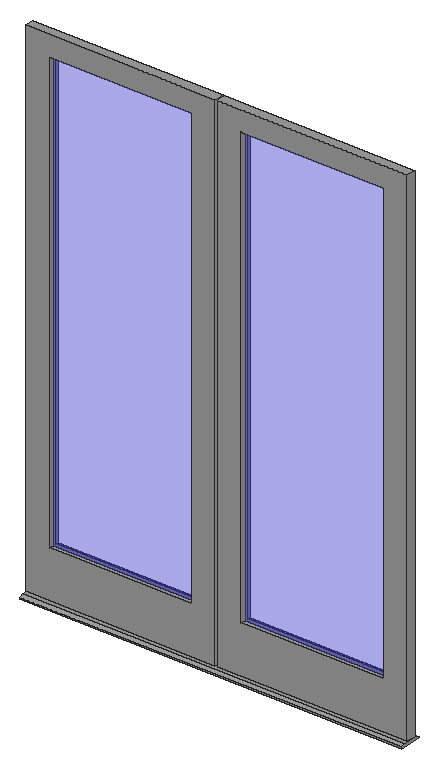
Revit family "ArmorDefend-Entrance-ButtHinge-Pairs_Eng", category Curtain Panels, Revit 2017
Family settings
  OmniClass Number = 23.25.20.14.11.11.17
  OmniClass Title = Infill Panels
  Always vertical = Yes
  Cut with Voids When Loaded = No
  Shared = No
Parameters
  Width [instance] = 6' - 2"
  Wide Stile Entrance [instance] = not(Medium Stile Entrance)  # no
  URL = "obe.com"
  Rough Width [instance] = 6' - 0"
  Offset [instance] = 0' - 0"
  Model = "AO DOOR"
  Min Panel Width [instance] = if(Rough Width > 5' 11 255/256", Rough Width, 6' 0")  # 6' - 0"
  Medium Stile Entrance [instance] = yes
  Manufacturer = "Oldcastle BuildingEnvelope®"
  Keynote = "08 11 00"
  Height [instance] = 8' - 0"
  Glass Material = Glass
  Frame Material = Aluminum
  Door Panel Height [instance] = Height + 0' 0 1/2"  # 8' - 0 1/2"
  Description = "ArmorOne Medium/Wide Stile Entrance  - 7/16\" Infill"
  Assembly Code = "B2030"
  Analytic Construction = "<None>"
  8 Bottom Rail [instance] = yes
  10 Bottom Rail [instance] = not([8 Bottom Rail])  # no
Reference planes (in)
  plane 1 "Front": y = 0
  plane 2: z = 0
  plane 3 "Center (Left/Right)": x = 0
  plane 4 "Left": x = -37
  plane 5 "Right": x = 37
  plane 6 "Top": z = 96
  plane 7: x = -36
  plane 8: x = 36
Text (in)
  text "Exterior" at (-54.29358, 31.38743, 0), in view "Ref. Level"
  text "Exterior" at (480, 41.53993, 89.60405), in view "Right"
  text "Exterior" at (-240, 57.82419, 105.78864), in view "Left"
Dimensions and locks (in)
  equal spacing: plane 4 "Left", plane 3 "Center (Left/Right)", plane 5 "Right"
  "Width": plane 4 "Left" to plane 5 "Right"
  "Height": plane 6 "Top" to plane 2
  equal spacing: plane 7, plane 3 "Center (Left/Right)", plane 8
  "Min Panel Width": plane 7 to plane 8
  aligned and locked: level to plane 2
  aligned and locked: plane 3 "Center (Left/Right)" to nested 1
  aligned and locked: plane 1 "Front" to nested 1
Nested families (in)
  nested 1: "Double Door-Panel" at (0, -16, 0), Frame Material <- "Frame Material", Glass Material <- "Glass Material", 8 Bottom Rail <- "8 Bottom Rail", Width <- "Min Panel Width", Height <- "Door Panel Height", Offset <- "Offset", Medium Stile Entrance <- "Medium Stile Entrance", type "ArmorDefend Entrance-Double-1-Panel"
    with Wing Width 3' - 0", built-in parameter 1001301 6' - 0", Wide Stile Entrance no, Pushbar Height 3' - 5 1/4", Offset 0' - 0", Medium Stile Entrance yes, built-in parameter 1001300 8' - 0 1/2", Glass Material Glass, Frame Material Aluminum, Edge of meeting stiles 0' - 4 1/32", Edge of door panel 0' - 4 1/16", Bottom Rail 0' - 8 59/64", 8 Bottom Rail yes, 10 Bottom Rail no
Definition of nested family "Double Door-Panel"
  Parameters (values of type "MS-375 DOOR-Double-1-Panel")
    Wing Width [instance] = Width / 2  # 3' - 0"
    Width [instance] = 6' - 0"
    Wide Stile Entrance [instance] = not(Medium Stile Entrance)  # no
    Offset [instance] = 0' - 11.1405"
    Medium Stile Entrance [instance] = yes
    Height [instance] = 8' - 0"
    Pushbar Height [instance] = 3' - 5 1/4"  # constant formula
    Glass Material [instance] = none
    Frame Material [instance] = none
    Edge of meeting stiles [instance] = if(Medium Stile Entrance, 0' 4 1/32", if(Wide Stile Entrance, 0' 5 9/32", 0' 4 1/32"))  # 0' - 4 1/32"
    Edge of door panel [instance] = if(Medium Stile Entrance, 0' 4 1/16", if(Wide Stile Entrance, 0' 5 5/16", 0' 4 1/16"))  # 0' - 4 1/16"
    Bottom Rail [instance] = if([8 Bottom Rail], 0' 8 59/64", 0' 10 59/64")  # 0' - 8 59/64"
    Analytic Construction = "<None>"
    10 Bottom Rail [instance] = not([8 Bottom Rail])  # no
    8 Bottom Rail [instance] = yes
  Reference planes (in)
    plane 1 "00": y = 4.0625
    plane 2: z = 0
    plane 3 "Center (Left/Right)": x = 0
    plane 4: z = 96
    plane 5: x = -36
    plane 6: x = 36
    plane 7 "Center (Front/Back)": y = 16
    plane 8 "Exterior": y = 4.5625
    plane 9: z = 48
    plane 10: z = 8.92187
    plane 11: z = 92.15625
    plane 12: z = 0
    plane 13 "Offset": y = 4.8595
  Forms (in)
    Sweep 1, solid, material <- "Frame Material"
      path origin (0, 4.0625, 0) x (1, 0, 0) y (0, 0, 1)
        loop
          line (-35.79555, 96) -> (-0.22004, 96)
      profile origin (-18.00779, 4.0625, 96) x (0, 0, 1) y (0, -1, 0)
        loop
          line (-0.625, -0.672) -> (-0.625, 1.078) -> (-2.87093, 1.078) -> (-4.437, 1.078) -> (-4.437, 0.215) -> (-3.84375, 0.215) -> (-3.84375, -0.215) -> (-4.625, -0.215) -> (-4.625, -0.672) -> (-2.87093, -0.672) -> (-0.625, -0.672)
    Sweep 2, solid, material <- "Frame Material"
      path origin (0, 4.0625, 0) x (1, 0, 0) y (0, 0, 1)
        loop
          line (-0.22004, 0) -> (-35.79555, 0)
      profile origin (-18.00779, 4.0625, 0) x (0, 0, -1) y (0, -1, 0)
        loop
          line (-4.94906, -0.672) -> (-0.6875, -0.672) -> (-0.6875, 1.078) -> (-4.94906, 1.078) -> (-9.49949, 1.078) -> (-9.49949, 0.215) -> (-8.92187, 0.215) -> (-8.92187, -0.215) -> (-9.68749, -0.215) -> (-9.68749, -0.672) -> (-4.94906, -0.672)
    Sweep 3, solid, material <- "Frame Material"
      path origin (0, 4.0625, 0) x (1, 0, 0) y (0, 0, 1)
        loop
          line (35.24042, 95.375) -> (35.24042, 0.6875)
      profile origin (35.24042, 4.0625, 48.03125) x (0, -1, 0) y (1, 0, 0)
        loop
          line (-0.672, 0.55758) -> (-0.672, -1.45435) -> (-0.672, -4.08417) -> (-0.21513, -4.08417) -> (-0.21513, -3.30292) -> (0.215, -3.30292) -> (0.215, -3.89617) -> (1.078, -3.89617) -> (1.078, -1.45435) -> (1.078, 0.55683) -> (-0.672, 0.66583) -> (-0.672, 0.55758)
    Sweep 4, solid, material <- "Frame Material"
      path origin (0, 4.0625, 0) x (1, 0, 0) y (0, 0, 1)
        loop
          line (-35.25, 95.375) -> (-35.25, 0.6875)
      profile origin (-35.25, 4.0625, 48.03125) x (0, -1, 0) y (1, 0, 0)
        loop
          line (-0.672, -0.65455) -> (1.078, -0.54555) -> (1.078, 1.46393) -> (1.078, 3.90575) -> (0.215, 3.90575) -> (0.215, 3.3125) -> (-0.215, 3.3125) -> (-0.215, 4.09375) -> (-0.672, 4.09375) -> (-0.672, 1.46393) -> (-0.672, -0.65455)
    Sweep 5, solid, material <- "Frame Material"
      path origin (0, 4.0625, 0) x (1, 0, 0) y (0, 0, 1)
        loop
          line (0, 95.375) -> (0, 0.6875)
      profile origin (0, 4.0625, 48.03125) x (0, -1, 0) y (1, 0, 0)
        loop
          line (-0.672, -0.22063) -> (-0.672, -2.18343) -> (-0.672, -4.8125) -> (-0.21513, -4.8125) -> (-0.21513, -4.03125) -> (0.215, -4.03125) -> (0.215, -4.6245) -> (1.078, -4.6245) -> (1.078, -2.18343) -> (1.078, -0.22063)
          arc (1.078, -0.22063) -> (0.203, -0.0625) -> (-0.672, -0.22063) r 2.5
        loop
          arc (-0.672, 0.22063) -> (0.203, 0.0625) -> (1.078, 0.22063) r 2.5
          line (1.078, 0.22063) -> (1.078, 2.18343) -> (1.078, 4.6245) -> (0.215, 4.6245) -> (0.215, 4.03125) -> (-0.21513, 4.03125) -> (-0.21513, 4.8125) -> (-0.672, 4.8125) -> (-0.672, 2.18343) -> (-0.672, 0.22063)
    Sweep 6, solid, material <- "Frame Material"
      path origin (0, 4.0625, 0) x (1, 0, 0) y (0, 0, 1)
        loop
          line (0.22004, 96) -> (35.79725, 96)
      profile origin (18.00864, 4.0625, 96) x (0, 0, 1) y (0, -1, 0)
        loop
          line (-0.625, -0.672) -> (-0.625, 1.078) -> (-2.74581, 1.078) -> (-4.437, 1.078) -> (-4.437, 0.215) -> (-3.84375, 0.215) -> (-3.84375, -0.215) -> (-4.625, -0.215) -> (-4.625, -0.672) -> (-2.74581, -0.672) -> (-0.625, -0.672)
    Sweep 7, solid, material <- "Frame Material"
      path origin (0, 4.0625, 0) x (1, 0, 0) y (0, 0, 1)
        loop
          line (35.79725, 0) -> (0.22004, 0)
      profile origin (18.00864, 4.0625, 0) x (0, 0, -1) y (0, -1, 0)
        loop
          line (-3.49593, -0.672) -> (-0.6875, -0.672) -> (-0.6875, 1.078) -> (-3.49593, 1.078) -> (-9.49949, 1.078) -> (-9.49949, 0.215) -> (-8.92187, 0.215) -> (-8.92187, -0.215) -> (-9.68749, -0.215) -> (-9.68749, -0.672) -> (-3.49593, -0.672)
    Extrusion 8, solid, material <- "Glass Material", detail levels coarse
      sketch origin (0, 0, 0) x (1, 0, 0) y (0, 1, 0)
        loop
          line (4.03125, 4.2775) -> (4.03125, 3.8475) -> (31.9375, 3.8475) -> (31.9375, 4.2775) -> (4.03125, 4.2775)
      from 92.15625 to 8.92188
    Extrusion 9, solid, material <- "Glass Material", detail levels medium+fine
      sketch origin (0, 0, 0) x (1, 0, 0) y (0, 1, 0)
        loop
          line (4.03125, 3.8475) -> (31.9375, 3.8475) -> (31.9375, 3.9725) -> (4.03125, 3.9725) -> (4.03125, 3.8475)
        loop
          line (31.9375, 4.2775) -> (4.03125, 4.2775) -> (4.03125, 4.1525) -> (31.9375, 4.1525) -> (31.9375, 4.2775)
      from 8.92188 to 92.15625
    Extrusion 10, solid, material <- "Glass Material", detail levels medium+fine
      sketch origin (0, 0, 0) x (1, 0, 0) y (0, 1, 0)
        loop
          line (-31.9375, 3.8475) -> (-4.03125, 3.8475) -> (-4.03125, 3.9725) -> (-31.9375, 3.9725) -> (-31.9375, 3.8475)
        loop
          line (-4.03125, 4.2775) -> (-31.9375, 4.2775) -> (-31.9375, 4.1525) -> (-4.03125, 4.1525) -> (-4.03125, 4.2775)
      from 8.92188 to 92.15625
    Extrusion 11, solid, material <- "Glass Material", detail levels coarse
      sketch origin (0, 0, 0) x (1, 0, 0) y (0, 1, 0)
        loop
          line (-31.9375, 4.2775) -> (-31.9375, 3.8475) -> (-4.03125, 3.8475) -> (-4.03125, 4.2775) -> (-31.9375, 4.2775)
      from 8.92188 to 92.15625
    Sweep 12, solid, material <- "Frame Material"
      path origin (0, 4.8595, 0) x (1, 0, 0) y (0, 0, 1)
        loop
          line (-35.798, 0) -> (35.798, 0)
      profile origin (0, 4.8595, 0) x (0, 0, 1) y (0, -1, 0)
        loop
          line (0.5, 2.53097) -> (0.19362, 3.188) -> (0, 3.188) -> (0, -0.812) -> (0.19362, -0.812) -> (0.5, -0.15497) -> (0.5, 2.53097)
  Cuts and joins
    joined: Sweep 1, Sweep 2, Sweep 3, Sweep 4, Sweep 5, Sweep 6, Sweep 7
  Lines and regions (in)
    model lines
      curve 1: line (4.5625, 4.5625, 91.875) -> (31.9375, 4.5625, 48.02216)
      curve 2: line (31.9375, 4.5625, 48.02216) -> (4.6245, 4.5625, 9.20312)
      curve 3: line (-4.8125, 4.5625, 91.875) -> (-31.407, 4.5625, 48)
      curve 4: line (-31.407, 4.5625, 48) -> (-4.8125, 4.5625, 9.20312)
  Dimensions and locks (in)
    "Height": plane 4 to level
    equal spacing: plane 5, plane 3 "Center (Left/Right)", plane 6
    "Width": plane 5 to plane 6
    plane 1 "00" to plane 8 "Exterior" to plane 13 "Offset" = 0' - 0 1/2" locked, 0' - 0.297" locked
    equal spacing: level, plane 9, plane 4
    locked: plane 3 "Center (Left/Right)" to Sweep 2 sketch curve at 0.22004
    locked: Sweep 3 sketch curve to plane 4 at 0.625
    locked: Sweep 4 sketch curve to plane 4 at 0.625
    locked: plane 3 "Center (Left/Right)" to Sweep 1 sketch curve at 0.22004
    locked: Sweep 6 sketch curve to plane 3 "Center (Left/Right)" at 0.22004
    locked: Sweep 7 sketch curve to plane 3 "Center (Left/Right)" at 0.22004
    locked: Sweep 5 sketch curve to plane 4 at 0.625
    "Bottom Rail": plane 10 to plane 2
    locked: Sweep 7 sketch curve to plane 10 at 0.57761
    locked: Sweep 7 sketch curve to plane 10 at 0.76561
    locked: Sweep 2 sketch curve to plane 10 at 0.57761
    locked: Sweep 2 sketch curve to plane 10 at 0.76561
    equal spacing: plane 4, plane 9, plane 12
    locked: plane 11 to Sweep 6 sketch curve at 0.59325
    locked: plane 11 to Sweep 6 sketch curve at 0.78125
    locked: plane 4 to plane 11 at 3.84375
    Extrusion 10 sketch curve to Extrusion 10 sketch curve to plane 1 "00" to Extrusion 10 sketch curve to Extrusion 10 sketch curve = 0' - 0 1/8" locked, 0' - 0.09" locked, 0' - 0.09" locked, 0' - 0 1/8" locked
    Extrusion 11 sketch curve to plane 1 "00" to Extrusion 11 sketch curve = 0' - 0.215" locked, 0' - 0.215" locked
    Extrusion 9 sketch curve to Extrusion 9 sketch curve to plane 1 "00" to Extrusion 9 sketch curve to Extrusion 9 sketch curve = 0' - 0 1/8" locked, 0' - 0.09" locked, 0' - 0.09" locked, 0' - 0 1/8" locked
    Extrusion 8 sketch curve to plane 1 "00" to Extrusion 8 sketch curve = 0' - 0.215" locked, 0' - 0.215" locked
    "Offset": plane 13 "Offset" to plane 7 "Center (Front/Back)"
    locked: plane 1 "00" to nested 1 at 0
    locked: plane 6 to Sweep 12 sketch curve at 0.202
    locked: Sweep 12 sketch curve to plane 5 at 0.202
    locked: Sweep 4 sketch curve to plane 12 at 0.6875
    locked: Sweep 5 sketch curve to plane 12 at 0.6875
    locked: Sweep 3 sketch curve to plane 12 at 0.6875
    nested 3 to plane 13 "Offset" = 0' - 0.797"
    "Edge of door panel": plane 5 to Sweep 4 sketch curve
    Sweep 4 sketch curve to Sweep 4 sketch curve to Sweep 4 sketch curve = 0' - 0.59325" locked, 0' - 0.188" locked
    "Edge of door panel": Sweep 3 sketch curve to plane 6
    Sweep 3 sketch curve to Sweep 3 sketch curve to Sweep 3 sketch curve = 0' - 0.188" locked, 0' - 0.59325" locked
    "Edge of meeting stiles": Sweep 5 sketch curve to plane 3 "Center (Left/Right)"
    "Edge of meeting stiles": plane 3 "Center (Left/Right)" to Sweep 5 sketch curve
    Sweep 5 sketch curve to Sweep 5 sketch curve to Sweep 5 sketch curve = 0' - 0.188" locked, 0' - 0.59325" locked
    Sweep 5 sketch curve to Sweep 5 sketch curve to Sweep 5 sketch curve = 0' - 0.59325" locked, 0' - 0.188" locked
    Sweep 4 sketch curve to Sweep 4 sketch curve to Sweep 4 sketch curve to Sweep 4 sketch curve to plane 13 "Offset" = 0' - 0.863" locked, 0' - 0.43" locked, 0' - 0.457" locked, 0' - 0 1/8" locked
    Sweep 5 sketch curve to Sweep 5 sketch curve to Sweep 5 sketch curve to Sweep 5 sketch curve to plane 13 "Offset" = 0' - 0.863" locked, 0' - 0.43012" locked, 0' - 0.45687" locked, 0' - 0 1/8" locked  (x2)
    Sweep 3 sketch curve to Sweep 3 sketch curve to Sweep 3 sketch curve to Sweep 3 sketch curve to plane 13 "Offset" = 0' - 0.863" locked, 0' - 0.43012" locked, 0' - 0.45687" locked, 0' - 0 1/8" locked
    aligned and locked: plane 2 to level
    aligned and locked: plane 3 "Center (Left/Right)" to nested 1
    aligned and locked: Sweep 1 sketch curve to plane 4
    aligned and locked: Sweep 2 sketch curve to level
    aligned and locked: level to nested 2
    aligned and locked: nested 2 to plane 1 "00"
    aligned and locked: plane 3 "Center (Left/Right)" to Sweep 5 sketch curve
    aligned and locked: Sweep 7 sketch curve to level
    aligned and locked: plane 4 to Sweep 6 sketch curve
    aligned and locked: Extrusion 10 to plane 10
    aligned and locked: Extrusion 11 to plane 10
    aligned and locked: Extrusion 9 to plane 10
    aligned and locked: Extrusion 8 to plane 10
    aligned and locked: plane 9 to curve 3
    aligned and locked: Sweep 12 sketch curve to plane 12
    aligned and locked: plane 3 "Center (Left/Right)" to nested 3
    aligned and locked: Sweep 7 sketch curve to plane 10
    aligned and locked: plane 1 "00" to nested 3
    aligned and locked: plane 1 "00" to nested 1
    aligned and locked: Extrusion 9 to Sweep 3  (x2)
    aligned and locked: Extrusion 9 to Sweep 5  (x2)
    aligned and locked: Extrusion 8 to Sweep 5
    aligned and locked: Extrusion 8 to Sweep 3
    aligned and locked: Extrusion 10 to Sweep 5  (x2)
    aligned and locked: Extrusion 10 to Sweep 4  (x2)
    aligned and locked: Extrusion 11 to Sweep 5
    aligned and locked: Extrusion 11 to Sweep 4
    aligned and locked: plane 11 to Extrusion 11
    aligned and locked: plane 11 to Extrusion 10
    aligned and locked: plane 11 to Sweep 6 sketch curve
    aligned and locked: plane 11 to Extrusion 9
    aligned and locked: plane 11 to Extrusion 8
  Automatic sketch dimensions
    plane 3 "Center (Left/Right)" to Extrusion 8 sketch curve = 0' - 4 1/32"
    plane 3 "Center (Left/Right)" to Extrusion 9 sketch curve = 0' - 4 1/32"
    Extrusion 9 sketch curve to Extrusion 9 sketch curve = 0' - 0"  (x2)
    Extrusion 10 sketch curve to Extrusion 10 sketch curve = 0' - 0"  (x2)
    Extrusion 10 sketch curve to plane 3 "Center (Left/Right)" = 0' - 4 1/32"
    Extrusion 11 sketch curve to plane 3 "Center (Left/Right)" = 0' - 4 1/32"
    plane 5 to Sweep 1 sketch curve = 0' - 0.20445"
    plane 5 to Sweep 2 sketch curve = 0' - 0.20445"
    Sweep 3 sketch curve to plane 6 = 0' - 0.75958"
    plane 5 to Sweep 4 sketch curve = 0' - 0 3/4"
    Sweep 6 sketch curve to plane 6 = 0' - 0.20275"
    Sweep 7 sketch curve to plane 6 = 0' - 0.20275"
    Extrusion 8 sketch curve to plane 6 = 0' - 4 1/16"
    Extrusion 9 sketch curve to plane 6 = 0' - 4 1/16"
    plane 5 to Extrusion 10 sketch curve = 0' - 4 1/16"
    plane 5 to Extrusion 11 sketch curve = 0' - 4 1/16"
    plane 5 to curve 3 = 0' - 4.593"
    plane 9 to curve 2 = 0' - 0.02216"
    curve 1 to plane 11 = 0' - 0 9/32"
    plane 3 "Center (Left/Right)" to curve 1 = 0' - 4 9/16"
    plane 10 to curve 4 = 0' - 0 9/32"
    plane 10 to curve 2 = 0' - 0 9/32"
    curve 3 to plane 11 = 0' - 0 9/32"
    curve 4 to plane 3 "Center (Left/Right)" = 0' - 4 13/16"
    curve 3 to plane 3 "Center (Left/Right)" = 0' - 4 13/16"
    plane 3 "Center (Left/Right)" to curve 2 = 0' - 4.6245"
    curve 2 to plane 6 = 0' - 4 1/16"
    Sweep 1 sketch curve to plane 1 "00" = 0' - 0.215"
    profile plane to Sweep 1 sketch curve = 0' - 4 5/8"
    plane 1 "00" to Sweep 1 sketch curve = 0' - 0.215"
    Sweep 1 sketch curve to Sweep 1 sketch curve = 0' - 0.188"
    Sweep 1 sketch curve to Sweep 1 sketch curve = 0' - 0.59325"
    Sweep 1 sketch curve to Sweep 1 sketch curve = 0' - 0.97282"  (x2)
    profile plane to Sweep 1 sketch curve = 0' - 0 5/8"
    Sweep 1 sketch curve to plane 1 "00" = 0' - 0.672"
    plane 1 "00" to Sweep 1 sketch curve = 0' - 1.078"
    Sweep 6 sketch curve to Sweep 6 sketch curve = 0' - 1.09794"  (x2)
    profile plane to Sweep 6 sketch curve = 0' - 0 5/8"
    Sweep 6 sketch curve to plane 1 "00" = 0' - 0.672"
    Sweep 6 sketch curve to plane 1 "00" = 0' - 0.215"
    plane 1 "00" to Sweep 6 sketch curve = 0' - 0.215"
    plane 1 "00" to Sweep 6 sketch curve = 0' - 1.078"
    plane 1 "00" to Sweep 7 sketch curve = 0' - 1.078"
    profile plane to Sweep 7 sketch curve = 0' - 3.49593"
    Sweep 7 sketch curve to plane 1 "00" = 0' - 0.672"
    Sweep 7 sketch curve to Sweep 7 sketch curve = 0' - 0"
    profile plane to Sweep 7 sketch curve = 0' - 0 11/16"
    Sweep 7 sketch curve to plane 1 "00" = 0' - 0.215"
    plane 1 "00" to Sweep 7 sketch curve = 0' - 0.215"
    plane 1 "00" to Sweep 2 sketch curve = 0' - 0.215"
    Sweep 2 sketch curve to Sweep 2 sketch curve = 0' - 0.57761"
    plane 1 "00" to Sweep 2 sketch curve = 0' - 1.078"
    Sweep 2 sketch curve to Sweep 2 sketch curve = 0' - 3.97282"
    Sweep 2 sketch curve to plane 1 "00" = 0' - 0.672"
    Sweep 2 sketch curve to Sweep 2 sketch curve = 0' - 0"
    profile plane to Sweep 2 sketch curve = 0' - 0 11/16"
    Sweep 2 sketch curve to plane 1 "00" = 0' - 0.215"
    profile plane to Sweep 12 sketch curve = 0' - 0"
    Sweep 12 sketch curve to Sweep 12 sketch curve = 0' - 0.19362"  (x2)
    Sweep 12 sketch curve to plane 13 "Offset" = 0' - 0.15497"
    Sweep 12 sketch curve to profile plane = 0' - 0 1/2"
    Sweep 12 sketch curve to plane 13 "Offset" = 0' - 0.812"
    plane 13 "Offset" to Sweep 12 sketch curve = 0' - 3.188"
    Sweep 12 sketch curve to Sweep 12 sketch curve = 0' - 0.65703"
    profile plane to Sweep 3 sketch curve = 0' - 1.45435"  (x2)
    Sweep 3 sketch curve to profile plane = 0' - 0.55683"
    Sweep 3 sketch curve to profile plane = 0' - 0.55758"
    Sweep 3 sketch curve to Sweep 3 sketch curve = 0' - 0.10825"
    Sweep 4 sketch curve to profile plane = 0' - 1.46393"  (x2)
    profile plane to Sweep 4 sketch curve = 0' - 0.54555"
    profile plane to Sweep 4 sketch curve = 0' - 0.65455"
    plane 1 "00" to Sweep 5 sketch curve = 0' - 0.203"  (x2)
    Sweep 5 sketch curve to Sweep 5 sketch curve = 0' - 1 15/32"
    Sweep 5 sketch curve to Sweep 5 sketch curve = 0' - 0.37907"  (x3)
    profile plane to Sweep 5 sketch curve = 0' - 0.22063"
    Sweep 5 sketch curve to profile plane = 0' - 0.22063"
    Sweep 5 sketch curve to Sweep 5 sketch curve = 0' - 1.84782"
    Sweep 5 sketch curve to Sweep 5 sketch curve = 0' - 0"
  Nested families (in)
    nested 1: "M Stile-Double Door-Plan View" at (0, 4.0625, 0), Width <- "Width", Wing Width <- "Wing Width", visible <- "Medium Stile Entrance", type "M Stile-Double Door-Plan View"
      with Wing Width 3' - 0", Width 6' - 0"
    nested 2: "Door Section" at (0, 4.0625, 0) x (0, -1, 0) z (1, 0, 0), Height <- "Height", 8 Bottom Rail <- "8 Bottom Rail", type "Door Section"
      with Height 8' - 0", Bottom Rail 0' - 8 59/64", 8 Bottom Rail yes, 10 Bottom Rail no
    nested 3: "W Stile-Double Door-Plan View" at (0, 4.0625, 0), Width <- "Width", visible <- "Wide Stile Entrance", type "W Stile-Double Door-Plan View"
      with Wing Width 3' - 0", Width 6' - 0"
  Definition of nested family "M Stile-Double Door-Plan View"
    Parameters (values of type "M Stile-Double Door-Plan View")
      Wing Width [instance] = Width / 2  # 3' - 0"
      Width [instance] = 6' - 0"
    Reference planes (in)
      plane 1 "Center (Front/Back)": y = 0
      plane 2: z = 0
      plane 3 "Center (Left/Right)": x = 0
      plane 4: x = -36
      plane 5: x = 36
      plane 6: x = -35.23425
      plane 7: x = 35.23425
    Lines and regions (in)
      Filled region 1, type "Solid Fill - Black", in view "Ref. Level", detail levels fine
        outline origin (0, 0, 0) x (1, 0, 0) y (0, 1, 0)
          loop
            line (35.14425, 31.96875) -> (35.14425, 5.31227) -> (35.32425, 5.31227) -> (35.32425, 31.96875) -> (35.14425, 31.96875)
      Filled region 2, type "Solid Fill - Black", in view "Ref. Level", detail levels fine
        outline origin (0, 0, 0) x (1, 0, 0) y (0, 1, 0)
          loop
            line (-35.32425, 31.96875) -> (-35.32425, 5.31227) -> (-35.14425, 5.31227) -> (-35.14425, 31.96875) -> (-35.32425, 31.96875)
      detail lines, in view "Ref. Level"
        curve 1: arc (0.0625, 0, 0) -> (9.84243, 24.64316, 0) -> (33.85925, 35.87368, 0) r 35.9375
        curve 2: arc (-0.0625, 0, 0) -> (-9.84243, 24.64316, 0) -> (-33.85925, 35.87368, 0) r 35.9375
        curve 3: line (-35.44925, 32.0058, 0) -> (-35.44925, 5.31227, 0)
        curve 6: line (-35.01925, 32.0058, 0) -> (-35.01925, 5.31227, 0)
        curve 15: line (35.01925, 32.0058, 0) -> (35.01925, 5.31227, 0)
        curve 18: line (35.44925, 32.0058, 0) -> (35.44925, 5.31227, 0)
      detail lines, in view "Ref. Level", detail levels medium+fine
        curve 4: line (-35.32425, 32.0058, 0) -> (-35.32425, 5.31227, 0)
        curve 5: line (-35.14425, 32.0058, 0) -> (-35.14425, 5.31227, 0)
        curve 16: line (35.14425, 32.0058, 0) -> (35.14425, 5.31227, 0)
        curve 17: line (35.32425, 32.0058, 0) -> (35.32425, 5.31227, 0)
      detail lines, in view "Ref. Level", not visible
        curve 7: line (-32.23813, 0.5, 0) -> (-4.28125, 0.5, 0)
        curve 8: line (-32.23813, -0.252, 0) -> (-4.28125, -0.252, 0)
        curve 9: line (-32.23813, -0.5, 0) -> (-4.28125, -0.5, 0)
        curve 10: line (-32.23813, 0.252, 0) -> (-4.28125, 0.252, 0)
        curve 11: line (4.28125, 0.5, 0) -> (32.23813, 0.5, 0)
        curve 12: line (32.23813, 0.252, 0) -> (4.28125, 0.252, 0)
        curve 13: line (4.28125, -0.252, 0) -> (32.23813, -0.252, 0)
        curve 14: line (32.23813, -0.5, 0) -> (4.28125, -0.5, 0)
    Dimensions and locks (in)
      equal spacing: plane 4, plane 3 "Center (Left/Right)", plane 5
      "Wing Width": plane 1 "Center (Front/Back)" to nested 1
      "Wing Width": plane 1 "Center (Front/Back)" to nested 2
      locked: plane 1 "Center (Front/Back)" to nested 6 at 1.67175
      locked: nested 7 to plane 1 "Center (Front/Back)" at 1.67175
      locked: plane 4 to plane 6 at 0.76575
      locked: plane 7 to plane 5 at 0.76575
      "Width": plane 4 to plane 5
      plane 5 to nested 3 = 0' - 2 1/4"
      locked: nested 4 to plane 4 at 2.25
      locked: plane 5 to nested 3 at 2.25
      aligned and locked: plane 1 "Center (Front/Back)" to nested 3
      aligned and locked: nested 2 to plane 6
      aligned and locked: nested 4 to plane 1 "Center (Front/Back)"
      aligned and locked: nested 1 to plane 7
      aligned and locked: nested 5 to plane 1 "Center (Front/Back)"
      aligned and locked: nested 5 to plane 3 "Center (Left/Right)"
      aligned and locked: curve 16 to nested 1
      aligned and locked: curve 17 to nested 1
      aligned and locked: curve 15 to nested 1
      aligned and locked: Filled region 1 sketch curve to curve 16
      aligned and locked: curve 17 to Filled region 1 sketch curve
      aligned and locked: nested 1 to Filled region 1 sketch curve
      aligned and locked: Filled region 2 sketch curve to curve 4
      aligned and locked: curve 5 to Filled region 2 sketch curve
      aligned and locked: Filled region 2 sketch curve to nested 2
      aligned and locked: plane 7 to nested 6
      aligned and locked: plane 6 to nested 7
    Automatic sketch dimensions
      plane 1 "Center (Front/Back)" to curve 2 = 0' - 0"
      curve 2 to plane 4 = 0' - 0"
      plane 1 "Center (Front/Back)" to curve 1 = 0' - 0"
      curve 1 to plane 5 = 0' - 0"
      curve 2 to plane 6 = 0' - 1 3/8"
      curve 7 to plane 1 "Center (Front/Back)" = 0' - 0 1/2"
      curve 7 to plane 6 = 0' - 2.99612"
      curve 9 to curve 7 = 0' - 0"
      curve 10 to curve 7 = 0' - 0"  (x2)
      curve 8 to curve 9 = 0' - 0"  (x2)
      curve 7 to plane 3 "Center (Left/Right)" = 0' - 4 9/32"
      curve 9 to curve 10 = 0' - 0"
      curve 2 to plane 3 "Center (Left/Right)" = 0' - 0 1/16"
      plane 3 "Center (Left/Right)" to curve 1 = 0' - 0 1/16"
      curve 12 to plane 1 "Center (Front/Back)" = 0' - 0.252"
      curve 1 to curve 12 = 0' - 4 7/32"
      curve 14 to curve 12 = 0' - 0"
      curve 11 to curve 12 = 0' - 0"  (x2)
      curve 13 to curve 14 = 0' - 0"  (x2)
      plane 1 "Center (Front/Back)" to curve 14 = 0' - 0 1/2"
      plane 7 to curve 14 = 0' - 2.99612"
      curve 12 to curve 14 = 0' - 0"
      plane 7 to curve 1 = 0' - 1 3/8"
      plane 1 "Center (Front/Back)" to curve 8 = 0' - 0.252"
      curve 14 to curve 13 = 0' - 0.248"
      curve 9 to curve 8 = 0' - 0.248"
      curve 10 to curve 7 = 0' - 0.248"
      curve 12 to curve 11 = 0' - 0.248"
      curve 6 to plane 1 "Center (Front/Back)" = 0' - 5.31227"
      curve 5 to curve 6 = 0' - 0"  (x2)
      curve 16 to plane 1 "Center (Front/Back)" = 0' - 5.31227"
      curve 16 to curve 17 = 0' - 0"
      curve 4 to curve 5 = 0' - 0"
      curve 17 to curve 18 = 0' - 0"  (x2)
      curve 3 to curve 4 = 0' - 0"  (x2)
      curve 15 to curve 16 = 0' - 0"  (x2)
      curve 4 to curve 2 = 0' - 3.86788"
      curve 18 to curve 1 = 0' - 3.86788"
      curve 15 to curve 18 = 0' - 0"
      curve 4 to curve 6 = 0' - 0"
      curve 17 to curve 18 = 0' - 0 1/8"
      Filled region 1 sketch curve to plane 1 "Center (Front/Back)" = 0' - 5.31227"
      plane 6 to curve 3 = 0' - 0.215"
      plane 6 to curve 4 = 0' - 0.09"
      curve 5 to plane 6 = 0' - 0.09"
      curve 5 to curve 6 = 0' - 0 1/8"
      Filled region 2 sketch curve to plane 1 "Center (Front/Back)" = 0' - 5.31227"
    Nested families (in)
      nested 1: "M STILE-R-DI" at (35.23425, 36, 0) x (0, 1, 0) z (0, 0, 1), type "M STILE-R-DI", in view "Ref. Level"
      nested 2: "M STILE-L-DI" at (-35.23425, 36, 0) x (0, 1, 0) z (0, 0, 1), type "M STILE-L-DI", in view "Ref. Level"
      nested 3: "STILE-DI" at (38.25, 0, 0), type "STILE-DI", in view "Ref. Level", not visible
      nested 4: "STILE-DI" at (-38.25, 0, 0) x (-1, 0, 0) z (0, 0, 1), type "STILE-DI", in view "Ref. Level", not visible
      nested 5: "M STILE@PAIR-DI" at (0, 0, 0) x (-1, 0, 0) z (0, 0, 1), type "M STILE@PAIR-DI", in view "Ref. Level", not visible
      nested 6: "STILE-DI" at (35.23425, -1.67175, 0) x (0, -1, 0) z (0, 0, 1), type "STILE-DI", in view "Ref. Level"
      nested 7: "STILE-DI" at (-35.23425, -1.67175, 0) x (0, -1, 0) z (0, 0, 1), type "STILE-DI", in view "Ref. Level"
    Definition of nested family "M STILE-R-DI"
      Reference planes (in)
        plane 1 "Center (Front/Back)": y = 0
        plane 2: z = 0
        plane 3 "Center (Left/Right)": x = 0
    Definition of nested family "M STILE-L-DI"
      Reference planes (in)
        plane 1 "Center (Front/Back)": y = 0
        plane 2: z = 0
        plane 3 "Center (Left/Right)": x = 0
    Definition of nested family "STILE-DI"
      Reference planes (in)
        plane 1 "Center (Front/Back)": y = 0
        plane 2: z = 0
        plane 3 "Center (Left/Right)": x = 0
    Definition of nested family "M STILE@PAIR-DI"
      Reference planes (in)
        plane 1 "Center (Front/Back)": y = 0
        plane 2: z = 0
        plane 3 "Center (Left/Right)": x = 0
  Definition of nested family "Door Section"
    Parameters (values of type "Door Section")
      Height [instance] = 4' - 0"
      Bottom Rail [instance] = if([10 Bottom Rail], 0' 10 59/64", 0' 8 59/64")  # 0' - 10 59/64"
      8 Bottom Rail [instance] = no
      10 Bottom Rail [instance] = not([8 Bottom Rail])  # yes
    Reference planes (in)
      plane 1 "Center (Front/Back)": y = 0
      plane 2: z = 0
      plane 3 "Center (Left/Right)": x = 0
      plane 4: y = 44.125
      plane 5: y = 48
      plane 6: y = 10.92188
    Lines and regions (in)
      Filled region 1, type "Solid Fill - Black", in view "Ref. Level", detail levels fine
        outline origin (0, 0, 0) x (1, 0, 0) y (0, 1, 0)
          loop
            line (-0.09, 44.125) -> (-0.09, 10.92188) -> (0.09, 10.92188) -> (0.09, 44.125) -> (-0.09, 44.125)
      detail lines, in view "Ref. Level"
        curve 1: line (-0.215, 44.125, 0) -> (-0.215, 10.92188, 0)
        curve 4: line (0.215, 44.125, 0) -> (0.215, 10.92188, 0)
      detail lines, in view "Ref. Level", detail levels medium+fine
        curve 2: line (-0.09, 44.125, 0) -> (-0.09, 10.92188, 0)
        curve 3: line (0.09, 44.125, 0) -> (0.09, 10.92188, 0)
    Dimensions and locks (in)
      nested 1 to plane 5 to plane 4 = 0' - 2 31/32" locked, 0' - 3 7/8" locked
      "Bottom Rail": plane 1 "Center (Front/Back)" to plane 6
      "Height": plane 1 "Center (Front/Back)" to plane 5
      plane 1 "Center (Front/Back)" to nested 2 to nested 3 = 0' - 8.92224" locked, 0' - 2" locked
      aligned and locked: plane 3 "Center (Left/Right)" to nested 1
      aligned and locked: plane 3 "Center (Left/Right)" to nested 2
      aligned and locked: plane 3 "Center (Left/Right)" to nested 3
      aligned and locked: plane 4 to curve 1
      aligned and locked: plane 4 to curve 2
      aligned and locked: plane 4 to curve 3
      aligned and locked: plane 4 to curve 4
      aligned and locked: plane 6 to curve 1
      aligned and locked: plane 6 to curve 2
      aligned and locked: plane 6 to curve 3
      aligned and locked: plane 6 to curve 4
      aligned and locked: Filled region 1 sketch curve to curve 2
      aligned and locked: curve 3 to Filled region 1 sketch curve
      aligned and locked: Filled region 1 sketch curve to plane 6
      aligned and locked: Filled region 1 sketch curve to plane 4
    Automatic sketch dimensions
      curve 1 to plane 3 "Center (Left/Right)" = 0' - 0.215"
      plane 3 "Center (Left/Right)" to curve 3 = 0' - 0.09"
      curve 1 to curve 2 = 0' - 0 1/8"
      curve 3 to curve 4 = 0' - 0 1/8"
    Nested families (in)
      nested 1: "TOP RAIL-DI" at (0, 50.96875, 0), type "TOP RAIL-DI", in view "Ref. Level"
      nested 2: "BOT RAIL-8-DI" at (0, 8.92224, 0), visible <- "8 Bottom Rail", type "BOT RAIL-8-DI", in view "Ref. Level"
      nested 3: "BOT RAIL-10-DI" at (0, 10.92224, 0), visible <- "10 Bottom Rail", type "BOT RAIL-10-DI", in view "Ref. Level"
    Definition of nested family "TOP RAIL-DI"
      Reference planes (in)
        plane 1 "Center (Front/Back)": y = 0
        plane 2: z = 0
        plane 3 "Center (Left/Right)": x = 0
    Definition of nested family "BOT RAIL-8-DI"
      Reference planes (in)
        plane 1 "Center (Front/Back)": y = 0
        plane 2: z = 0
        plane 3 "Center (Left/Right)": x = 0
    Definition of nested family "BOT RAIL-10-DI"
      Reference planes (in)
        plane 1 "Center (Front/Back)": y = 0
        plane 2: z = 0
        plane 3 "Center (Left/Right)": x = 0
  Definition of nested family "W Stile-Double Door-Plan View"
    Parameters (values of type "W Stile-Double Door-Plan View")
      Wing Width [instance] = Width / 2  # 3' - 0"
      Width [instance] = 6' - 0"
    Reference planes (in)
      plane 1 "Center (Front/Back)": y = 0
      plane 2: z = 0
      plane 3 "Center (Left/Right)": x = 0
      plane 4: x = -36
      plane 5: x = 36
      plane 6: x = -35.23425
      plane 7: x = 35.23425
    Lines and regions (in)
      Filled region 1, type "Solid Fill - Black", in view "Ref. Level", detail levels fine
        outline origin (0, 0, 0) x (1, 0, 0) y (0, 1, 0)
          loop
            line (35.14425, 30.71875) -> (35.14425, 5.89075) -> (35.32425, 5.89075) -> (35.32425, 30.71875) -> (35.14425, 30.71875)
      Filled region 2, type "Solid Fill - Black", in view "Ref. Level", detail levels fine
        outline origin (0, 0, 0) x (1, 0, 0) y (0, 1, 0)
          loop
            line (-35.32425, 30.71888) -> (-35.32425, 5.89075) -> (-35.14425, 5.89075) -> (-35.14425, 30.71888) -> (-35.32425, 30.71888)
      detail lines, in view "Ref. Level"
        curve 1: arc (0.0625, 0, 0) -> (9.84243, 24.64316, 0) -> (33.85925, 35.87368, 0) r 35.9375
        curve 2: arc (-0.0625, 0, 0) -> (-9.84243, 24.64316, 0) -> (-33.85925, 35.87368, 0) r 35.9375
        curve 11: line (35.44925, 5.89075, 0) -> (35.44925, 30.71875, 0)
        curve 14: line (35.01925, 5.89075, 0) -> (35.01925, 30.71875, 0)
        curve 15: line (-35.01925, 30.71888, 0) -> (-35.01925, 5.89075, 0)
        curve 18: line (-35.44925, 30.71888, 0) -> (-35.44925, 5.89075, 0)
      detail lines, in view "Ref. Level", not visible
        curve 3: line (-31.23738, 0.215, 0) -> (-5.28125, 0.215, 0)
        curve 4: line (-31.23738, -0.09, 0) -> (-5.28125, -0.09, 0)
        curve 5: line (-31.23738, -0.215, 0) -> (-5.28125, -0.215, 0)
        curve 6: line (-31.23738, 0.09, 0) -> (-5.28125, 0.09, 0)
        curve 7: line (5.28125, 0.215, 0) -> (31.23738, 0.215, 0)
        curve 8: line (31.23738, 0.09, 0) -> (5.28125, 0.09, 0)
        curve 9: line (5.28125, -0.09, 0) -> (31.23738, -0.09, 0)
        curve 10: line (31.23738, -0.215, 0) -> (5.28125, -0.215, 0)
      detail lines, in view "Ref. Level", detail levels medium+fine
        curve 12: line (35.32425, 5.89075, 0) -> (35.32425, 30.71875, 0)
        curve 13: line (35.14425, 5.89075, 0) -> (35.14425, 30.71875, 0)
        curve 16: line (-35.14425, 30.71888, 0) -> (-35.14425, 5.89075, 0)
        curve 17: line (-35.32425, 30.71888, 0) -> (-35.32425, 5.89075, 0)
    Dimensions and locks (in)
      equal spacing: plane 4, plane 3 "Center (Left/Right)", plane 5
      "Wing Width": plane 1 "Center (Front/Back)" to nested 6
      "Wing Width": plane 1 "Center (Front/Back)" to nested 5
      locked: plane 4 to plane 6 at 0.76575
      locked: plane 7 to plane 5 at 0.76575
      "Width": plane 4 to plane 5
      plane 5 to nested 1 = 0' - 2 1/4"
      locked: nested 2 to plane 4 at 2.25
      locked: plane 5 to nested 1 at 2.25
      locked: nested 4 to plane 1 "Center (Front/Back)" at 1.67175
      locked: nested 7 to plane 1 "Center (Front/Back)" at 1.67175
      locked: nested 6 to Filled region 1 at 5.28125
      locked: nested 5 to Filled region 2 at 5.28112
      aligned and locked: plane 1 "Center (Front/Back)" to nested 1
      aligned and locked: nested 2 to plane 1 "Center (Front/Back)"
      aligned and locked: nested 3 to plane 1 "Center (Front/Back)"
      aligned and locked: nested 3 to plane 3 "Center (Left/Right)"
      aligned and locked: curve 8 to nested 1
      aligned and locked: curve 7 to nested 1
      aligned and locked: curve 9 to nested 1
      aligned and locked: curve 10 to nested 1
      aligned and locked: curve 6 to nested 3
      aligned and locked: curve 3 to nested 3
      aligned and locked: curve 4 to nested 3
      aligned and locked: curve 5 to nested 3
      aligned and locked: plane 7 to nested 4
      aligned and locked: nested 6 to plane 7
      aligned and locked: nested 5 to plane 6
      aligned and locked: plane 6 to nested 7
      aligned and locked: curve 15 to Filled region 2
    Automatic sketch dimensions
      plane 7 to Filled region 1 sketch curve = 0' - 0.09"
      Filled region 1 sketch curve to plane 7 = 0' - 0.09"
      Filled region 1 sketch curve to plane 1 "Center (Front/Back)" = 0' - 5.89075"
      Filled region 1 sketch curve to Filled region 1 sketch curve = 2' - 0.828"
      plane 6 to Filled region 2 sketch curve = 0' - 0.09"
      Filled region 2 sketch curve to plane 6 = 0' - 0.09"
      Filled region 2 sketch curve to plane 1 "Center (Front/Back)" = 0' - 5.89075"
      Filled region 2 sketch curve to Filled region 2 sketch curve = 2' - 0 53/64"
      plane 1 "Center (Front/Back)" to curve 2 = 0' - 0"
      curve 2 to plane 4 = 0' - 0"
      plane 1 "Center (Front/Back)" to curve 1 = 0' - 0"
      curve 1 to plane 5 = 0' - 0"
      plane 6 to curve 18 = 0' - 0.215"
      plane 6 to curve 17 = 0' - 0.09"
      curve 16 to plane 6 = 0' - 0.09"
      curve 16 to curve 15 = 0' - 0 1/8"
      curve 2 to plane 6 = 0' - 1 3/8"
      curve 3 to plane 6 = 0' - 3.99687"
      curve 6 to curve 3 = 0' - 0"
      curve 4 to curve 6 = 0' - 0"
      curve 5 to curve 4 = 0' - 0"
      curve 6 to plane 3 "Center (Left/Right)" = 0' - 5 9/32"
      curve 5 to curve 6 = 0' - 0"
      curve 3 to curve 6 = 0' - 0"
      curve 4 to curve 5 = 0' - 0"
      curve 2 to plane 3 "Center (Left/Right)" = 0' - 0 1/16"
      plane 3 "Center (Left/Right)" to curve 1 = 0' - 0 1/16"
      curve 1 to curve 10 = 0' - 5 7/32"
      curve 8 to curve 10 = 0' - 0"
      curve 9 to curve 10 = 0' - 0"
      curve 7 to curve 8 = 0' - 0"  (x2)
      plane 7 to curve 8 = 0' - 3.99687"
      curve 9 to curve 8 = 0' - 0"
      curve 10 to curve 9 = 0' - 0"
      plane 7 to curve 1 = 0' - 1 3/8"
      plane 7 to curve 14 = 0' - 0.215"
      plane 7 to curve 13 = 0' - 0.09"
      curve 12 to plane 7 = 0' - 0.09"
      curve 12 to curve 11 = 0' - 0 1/8"
      curve 17 to plane 1 "Center (Front/Back)" = 0' - 5.89075"
      curve 17 to curve 16 = 0' - 0"
      curve 11 to plane 1 "Center (Front/Back)" = 0' - 5.89075"
      curve 16 to curve 15 = 0' - 0"  (x2)
      curve 12 to curve 11 = 0' - 0"  (x2)
      curve 18 to curve 17 = 0' - 0"  (x2)
      curve 13 to curve 12 = 0' - 0"
      curve 14 to curve 13 = 0' - 0"  (x2)
      curve 17 to curve 15 = 0' - 0"
      curve 12 to curve 1 = 0' - 5.15493"
      curve 14 to curve 12 = 0' - 0"
    Nested families (in)
      nested 1: "STILE-DI" at (38.25, 0, 0), type "STILE-DI", in view "Ref. Level", not visible
      nested 2: "STILE-DI" at (-38.25, 0, 0) x (-1, 0, 0) z (0, 0, 1), type "STILE-DI", in view "Ref. Level", not visible
      nested 3: "M STILE@PAIR-DI.dwg" at (0, 0, 0) x (-1, 0, 0) z (0, 0, 1), type "M STILE@PAIR-DI", in view "Ref. Level", not visible
      nested 4: "STILE-DI" at (35.23425, -1.67175, 0) x (0, -1, 0) z (0, 0, 1), type "STILE-DI", in view "Ref. Level"
      nested 5: "M STILE-L-DI.dwg" at (-35.23425, 36, 0) x (0, 1, 0) z (0, 0, 1), type "M STILE-L-DI", in view "Ref. Level"
      nested 6: "M STILE-R-DI.dwg" at (35.23425, 36, 0) x (0, 1, 0) z (0, 0, 1), type "M STILE-R-DI", in view "Ref. Level"
      nested 7: "STILE-DI" at (-35.23425, -1.67175, 0) x (0, -1, 0) z (0, 0, 1), type "STILE-DI", in view "Ref. Level"
    Definition of nested family "STILE-DI"
      Reference planes (in)
        plane 1 "Center (Front/Back)": y = 0
        plane 2: z = 0
        plane 3 "Center (Left/Right)": x = 0
    Definition of nested family "M STILE@PAIR-DI.dwg"
      Reference planes (in)
        plane 1 "Center (Front/Back)": y = 0
        plane 2: z = 0
        plane 3 "Center (Left/Right)": x = 0
    Definition of nested family "M STILE-L-DI.dwg"
      Types (2): name
        M STILE-L-DI.dwg
        M STILE-L-DI
      Reference planes (in)
        plane 1 "Center (Front/Back)": y = 0
        plane 2: z = 0
        plane 3 "Center (Left/Right)": x = 0
    Definition of nested family "M STILE-R-DI.dwg"
      Reference planes (in)
        plane 1 "Center (Front/Back)": y = 0
        plane 2: z = 0
        plane 3 "Center (Left/Right)": x = 0
